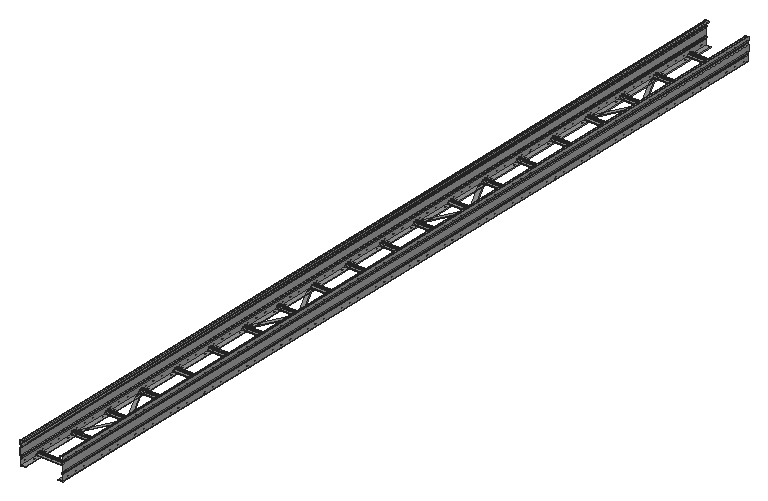
Revit family "W1630 FS, FT, FT SO, A4.28.08", category Generic Models, Revit 2017 (continued)
Dimensions and locks
  locked: Extrusion 451 sketch curve to Extrusion 451 sketch curve at 25
  "Height 1": Extrusion 451 to Extrusion 451
  locked: plane 417 to Extrusion 444 (angle 45.00°)
  locked: Extrusion 445 sketch curve to plane 421 (angle 35.00°)
  locked: Extrusion 445 to plane 424 (angle 35.00°)
  locked: Extrusion 449 sketch curve to plane 429 (angle 35.00°)
  locked: Extrusion 450 sketch curve to plane 430 (angle 35.00°)
  locked: Extrusion 451 sketch curve to plane 431 (angle 35.00°)
  aligned and locked: level to plane 2
  aligned and locked: Extrusion 2 to level
  aligned and locked: Extrusion 2 to Extrusion 1
  aligned and locked: Extrusion 1 to Extrusion 2  (x2)
  aligned and locked: plane 1 "Center (Front/Back)" to Extrusion 2
  aligned and locked: plane 1 "Center (Front/Back)" to Extrusion 1
  aligned and locked: Extrusion 1 to Extrusion 3  (x2)
  aligned and locked: Extrusion 1 to Extrusion 4  (x2)
  aligned and locked: Extrusion 2 to Extrusion 163
  aligned and locked: Extrusion 323 sketch curve to Extrusion 323 sketch curve  (x2)
  aligned and locked: Extrusion 323 to plane 174
  aligned and locked: plane 175 to Extrusion 323
  aligned and locked: plane 176 to cut or joined group 1 (Extrusion 1, Extrusion 3, Extrusion 4, Extrusion 5, Extrusion 6, Extrusion 7, Extrusion 8, Extrusion 9, Extrusion 10, Extrusion 11, Extrusion 12, Extrusion 13, Extrusion 14, Extrusion 15, Extrusion 16, Extrusion 17, Extrusion 18, Extrusion 19, Extrusion 20, Extrusion 21, Extrusion 22, Extrusion 23, Extrusion 24, Extrusion 25, Extrusion 26, Extrusion 27, Extrusion 28, Extrusion 29, Extrusion 30, Extrusion 31, Extrusion 32, Extrusion 33, Extrusion 34, Extrusion 35, Extrusion 36, Extrusion 37, Extrusion 38, Extrusion 39, Extrusion 40, Extrusion 41, Extrusion 42, Extrusion 43, Extrusion 44, Extrusion 45, Extrusion 46, Extrusion 47, Extrusion 48, Extrusion 49, Extrusion 50, Extrusion 51, Extrusion 52, Extrusion 53, Extrusion 54, Extrusion 55, Extrusion 56, Extrusion 57, Extrusion 58, Extrusion 59, Extrusion 60, Extrusion 61, Extrusion 62, Extrusion 63, Extrusion 64, Extrusion 65, Extrusion 66, Extrusion 67, Extrusion 68, Extrusion 69, Extrusion 70, Extrusion 71, Extrusion 72, Extrusion 73, Extrusion 74, Extrusion 75, Extrusion 76, Extrusion 77, Extrusion 78, Extrusion 79, Extrusion 80, Extrusion 81, Extrusion 82, Extrusion 83, Extrusion 84, Extrusion 85, Extrusion 86, Extrusion 87, Extrusion 88, Extrusion 89, Extrusion 90, Extrusion 91, Extrusion 92, Extrusion 93, Extrusion 94, Extrusion 95, Extrusion 96, Extrusion 97, Extrusion 98, Extrusion 99, Extrusion 100, Extrusion 101, Extrusion 102, Extrusion 103, Extrusion 104, Extrusion 105, Extrusion 106, Extrusion 107, Extrusion 108, Extrusion 109, Extrusion 110, Extrusion 111, Extrusion 112, Extrusion 113, Extrusion 114, Extrusion 115, Extrusion 116, Extrusion 117, Extrusion 118, Extrusion 119, Extrusion 120, Extrusion 121, Extrusion 122, Extrusion 123, Extrusion 124, Extrusion 125, Extrusion 126, Extrusion 127, Extrusion 128, Extrusion 129, Extrusion 130, Extrusion 131, Extrusion 132, Extrusion 133, Extrusion 134, Extrusion 135, Extrusion 136, Extrusion 137, Extrusion 138, Extrusion 139, Extrusion 140, Extrusion 141, Extrusion 142, Extrusion 143, Extrusion 144, Extrusion 145, Extrusion 146, Extrusion 147, Extrusion 148, Extrusion 149, Extrusion 150, Extrusion 151, Extrusion 152, Extrusion 153, Extrusion 154, Extrusion 155, Extrusion 156, Extrusion 157, Extrusion 158, Extrusion 159, Extrusion 160, Extrusion 161, Extrusion 162, Extrusion 163, Extrusion 243, Extrusion 364, Extrusion 365, Extrusion 366, Extrusion 367, Extrusion 368, Extrusion 369, Extrusion 370, Extrusion 371, Extrusion 372, Extrusion 373, Extrusion 374, Extrusion 375, Extrusion 376, Extrusion 377, Extrusion 378, Extrusion 379, Extrusion 380, Extrusion 381, Extrusion 382, Extrusion 383, Extrusion 384, Extrusion 385, Extrusion 386, Extrusion 387, Extrusion 388, Extrusion 389, Extrusion 390, Extrusion 391, Extrusion 392, Extrusion 393, Extrusion 394, Extrusion 395, Extrusion 396, Extrusion 397, Extrusion 398, Extrusion 399, Extrusion 400, Extrusion 401, Extrusion 402, Extrusion 403, Extrusion 404, Extrusion 407, Extrusion 409, Extrusion 411, Extrusion 413, Extrusion 415, Extrusion 417, Extrusion 419, Extrusion 421, Extrusion 423, Extrusion 425, Extrusion 427, Extrusion 429, Extrusion 431, Extrusion 433, Extrusion 435, Extrusion 437, Extrusion 439, Extrusion 441, Extrusion 443)
  aligned and locked: Extrusion 2 to Extrusion 324
  aligned and locked: Extrusion 2 to Extrusion 344
  aligned and locked: Extrusion 1 to Extrusion 364
  aligned and locked: Extrusion 1 to Extrusion 384
  aligned and locked: plane 233 to plane 180
  aligned and locked: cut or joined group of Extrusion 323, Extrusion 404, Extrusion 407 to cut or joined group of Extrusion 323, Extrusion 404, Extrusion 407  (x4)
  aligned and locked: cut or joined group of Extrusion 2, Extrusion 163, Extrusion 164, Extrusion 165, Extrusion 166, Extrusion 167, Extrusion 168, Extrusion 169, Extrusion 170, Extrusion 171, Extrusion 172, Extrusion 173, Extrusion 174, Extrusion 175, Extrusion 176, Extrusion 177, Extrusion 178, Extrusion 179, Extrusion 180, Extrusion 181, Extrusion 182, Extrusion 183, Extrusion 184, Extrusion 185, Extrusion 186, Extrusion 187, Extrusion 188, Extrusion 189, Extrusion 190, Extrusion 191, Extrusion 192, Extrusion 193, Extrusion 194, Extrusion 195, Extrusion 196, Extrusion 197, Extrusion 198, Extrusion 199, Extrusion 200, Extrusion 201, Extrusion 202, Extrusion 203, Extrusion 204, Extrusion 205, Extrusion 206, Extrusion 207, Extrusion 208, Extrusion 209, Extrusion 210, Extrusion 211, Extrusion 212, Extrusion 213, Extrusion 214, Extrusion 215, Extrusion 216, Extrusion 217, Extrusion 218, Extrusion 219, Extrusion 220, Extrusion 221, Extrusion 222, Extrusion 223, Extrusion 224, Extrusion 225, Extrusion 226, Extrusion 227, Extrusion 228, Extrusion 229, Extrusion 230, Extrusion 231, Extrusion 232, Extrusion 233, Extrusion 234, Extrusion 235, Extrusion 236, Extrusion 237, Extrusion 238, Extrusion 239, Extrusion 240, Extrusion 241, Extrusion 242, Extrusion 243, Extrusion 244, Extrusion 245, Extrusion 246, Extrusion 247, Extrusion 248, Extrusion 249, Extrusion 250, Extrusion 251, Extrusion 252, Extrusion 253, Extrusion 254, Extrusion 255, Extrusion 256, Extrusion 257, Extrusion 258, Extrusion 259, Extrusion 260, Extrusion 261, Extrusion 262, Extrusion 263, Extrusion 264, Extrusion 265, Extrusion 266, Extrusion 267, Extrusion 268, Extrusion 269, Extrusion 270, Extrusion 271, Extrusion 272, Extrusion 273, Extrusion 274, Extrusion 275, Extrusion 276, Extrusion 277, Extrusion 278, Extrusion 279, Extrusion 280, Extrusion 281, Extrusion 282, Extrusion 283, Extrusion 284, Extrusion 285, Extrusion 286, Extrusion 287, Extrusion 288, Extrusion 289, Extrusion 290, Extrusion 291, Extrusion 292, Extrusion 293, Extrusion 294, Extrusion 295, Extrusion 296, Extrusion 297, Extrusion 298, Extrusion 299, Extrusion 300, Extrusion 301, Extrusion 302, Extrusion 303, Extrusion 304, Extrusion 305, Extrusion 306, Extrusion 307, Extrusion 308, Extrusion 309, Extrusion 310, Extrusion 311, Extrusion 312, Extrusion 313, Extrusion 314, Extrusion 315, Extrusion 316, Extrusion 317, Extrusion 318, Extrusion 319, Extrusion 320, Extrusion 321, Extrusion 322, Extrusion 324, Extrusion 325, Extrusion 326, Extrusion 327, Extrusion 328, Extrusion 329, Extrusion 330, Extrusion 331, Extrusion 332, Extrusion 333, Extrusion 334, Extrusion 335, Extrusion 336, Extrusion 337, Extrusion 338, Extrusion 339, Extrusion 340, Extrusion 341, Extrusion 342, Extrusion 343, Extrusion 344, Extrusion 345, Extrusion 346, Extrusion 347, Extrusion 348, Extrusion 349, Extrusion 350, Extrusion 351, Extrusion 352, Extrusion 353, Extrusion 354, Extrusion 355, Extrusion 356, Extrusion 357, Extrusion 358, Extrusion 359, Extrusion 360, Extrusion 361, Extrusion 362, Extrusion 363, Extrusion 404, Extrusion 407, Extrusion 409, Extrusion 411, Extrusion 413, Extrusion 415, Extrusion 417, Extrusion 419, Extrusion 421, Extrusion 423, Extrusion 425, Extrusion 427, Extrusion 429, Extrusion 431, Extrusion 433, Extrusion 435, Extrusion 437, Extrusion 439, Extrusion 441, Extrusion 443 to cut or joined group 1
  aligned and locked: Extrusion 405 sketch curve to Extrusion 405 sketch curve  (x2)
  aligned and locked: Extrusion 406 sketch curve to Extrusion 406 sketch curve  (x2)
  aligned and locked: Extrusion 408 sketch curve to Extrusion 408 sketch curve  (x2)
  aligned and locked: Extrusion 410 sketch curve to Extrusion 410 sketch curve  (x2)
  aligned and locked: Extrusion 412 sketch curve to Extrusion 412 sketch curve  (x2)
  aligned and locked: Extrusion 414 sketch curve to Extrusion 414 sketch curve  (x2)
  aligned and locked: Extrusion 416 sketch curve to Extrusion 416 sketch curve  (x2)
  aligned and locked: Extrusion 418 sketch curve to Extrusion 418 sketch curve  (x2)
  aligned and locked: Extrusion 420 sketch curve to Extrusion 420 sketch curve  (x2)
  aligned and locked: Extrusion 422 sketch curve to Extrusion 422 sketch curve  (x2)
  aligned and locked: Extrusion 424 sketch curve to Extrusion 424 sketch curve  (x2)
  aligned and locked: Extrusion 426 sketch curve to Extrusion 426 sketch curve  (x2)
  aligned and locked: Extrusion 428 sketch curve to Extrusion 428 sketch curve  (x2)
  aligned and locked: Extrusion 430 sketch curve to Extrusion 430 sketch curve  (x2)
  aligned and locked: Extrusion 432 sketch curve to Extrusion 432 sketch curve  (x2)
  aligned and locked: Extrusion 434 sketch curve to Extrusion 434 sketch curve  (x2)
  aligned and locked: Extrusion 436 sketch curve to Extrusion 436 sketch curve  (x2)
  aligned and locked: Extrusion 438 sketch curve to Extrusion 438 sketch curve  (x2)
  aligned and locked: Extrusion 440 sketch curve to Extrusion 440 sketch curve  (x2)
  aligned and locked: Extrusion 442 sketch curve to Extrusion 442 sketch curve  (x2)
  aligned and locked: plane 414 to plane 412
  aligned and locked: plane 415 to plane 411
  aligned and locked: Extrusion 444 to cut or joined group of Extrusion 323, Extrusion 404, Extrusion 407
  aligned and locked: plane 416 to Extrusion 444
  aligned and locked: plane 417 to plane 416
  aligned and locked: Extrusion 444 to Extrusion 445
  aligned and locked: Extrusion 445 to plane 424
Automatic sketch dimensions
  Extrusion 1 sketch curve to Extrusion 1 sketch curve = 0 mm  (x14)
  Extrusion 1 sketch curve to level = 0 mm
  plane 3 "Center (Left/Right)" to Extrusion 1 sketch curve = 113.514 mm
  plane 3 "Center (Left/Right)" to Extrusion 1 sketch curve = 130 mm
  Extrusion 1 sketch curve to Extrusion 1 sketch curve = 2 mm  (x3)
  Extrusion 1 sketch curve to Extrusion 1 sketch curve = 1 mm
  Extrusion 1 sketch curve to Extrusion 1 sketch curve = 0.5 mm  (x4)
  Extrusion 1 sketch curve to plane 5 = 11.245 mm
  Extrusion 1 sketch curve to Extrusion 1 sketch curve = 27 mm
  Extrusion 1 sketch curve to plane 4 = 10.666 mm
  Extrusion 1 sketch curve to Extrusion 1 sketch curve = 6 mm
  plane 4 to Extrusion 1 sketch curve = 4.584 mm
  Extrusion 1 sketch curve to Extrusion 1 sketch curve = 4.584 mm
  Extrusion 1 sketch curve to plane 5 = 3.021 mm
  Extrusion 1 sketch curve to Extrusion 1 sketch curve = 2.973 mm
  plane 5 to Extrusion 1 sketch curve = 2.935 mm
  Extrusion 1 sketch curve to Extrusion 1 sketch curve = 0.181 mm
  Extrusion 1 sketch curve to plane 4 = 4.381 mm
  Extrusion 1 sketch curve to Extrusion 1 sketch curve = 2.2 mm
  level to Extrusion 1 sketch curve = 2 mm
  Extrusion 1 sketch curve to Extrusion 1 sketch curve = 31.5 mm
  level to Extrusion 1 sketch curve = 125.437 mm
  Extrusion 1 sketch curve to plane 5 = 2.225 mm
  plane 5 to Extrusion 1 sketch curve = 2.029 mm
  Extrusion 1 sketch curve to Extrusion 1 sketch curve = 0.542 mm
  Extrusion 1 sketch curve to plane 4 = 2.967 mm
  Extrusion 1 sketch curve to Extrusion 1 sketch curve = 1.5 mm
  Extrusion 2 sketch curve to Extrusion 2 sketch curve = 0 mm  (x14)
  Extrusion 2 sketch curve to level = 0 mm
  plane 3 "Center (Left/Right)" to Extrusion 2 sketch curve = 113.514 mm
  plane 3 "Center (Left/Right)" to Extrusion 2 sketch curve = 130 mm
  Extrusion 2 sketch curve to Extrusion 2 sketch curve = 2 mm  (x3)
  Extrusion 2 sketch curve to Extrusion 2 sketch curve = 1 mm
  Extrusion 2 sketch curve to Extrusion 2 sketch curve = 0.5 mm  (x4)
  plane 8 to Extrusion 2 sketch curve = 11.245 mm
  Extrusion 2 sketch curve to Extrusion 2 sketch curve = 27 mm
  plane 7 to Extrusion 2 sketch curve = 10.666 mm
  Extrusion 2 sketch curve to Extrusion 2 sketch curve = 6 mm
  Extrusion 2 sketch curve to plane 7 = 4.584 mm
  Extrusion 2 sketch curve to Extrusion 2 sketch curve = 4.584 mm
  plane 8 to Extrusion 2 sketch curve = 3.021 mm
  Extrusion 2 sketch curve to Extrusion 2 sketch curve = 2.973 mm
  Extrusion 2 sketch curve to plane 8 = 2.935 mm
  Extrusion 2 sketch curve to Extrusion 2 sketch curve = 0.181 mm
  plane 7 to Extrusion 2 sketch curve = 4.381 mm
  Extrusion 2 sketch curve to Extrusion 2 sketch curve = 2.2 mm
  Extrusion 2 sketch curve to level = 2 mm
  Extrusion 2 sketch curve to Extrusion 2 sketch curve = 31.5 mm
  Extrusion 2 sketch curve to level = 125.437 mm
  plane 8 to Extrusion 2 sketch curve = 2.225 mm
  Extrusion 2 sketch curve to plane 8 = 2.029 mm
  Extrusion 2 sketch curve to Extrusion 2 sketch curve = 0.542 mm
  plane 7 to Extrusion 2 sketch curve = 2.967 mm
  Extrusion 2 sketch curve to Extrusion 2 sketch curve = 1.5 mm
  Extrusion 3 sketch curve to Extrusion 3 sketch curve = 0.5 mm  (x4)
  Extrusion 4 sketch curve to Extrusion 4 sketch curve = 0.5 mm  (x3)
  plane 11 to Extrusion 3 sketch curve = 12.5 mm
  plane 14 to Extrusion 4 sketch curve = 23.957 mm
  Extrusion 5 sketch curve to Extrusion 5 sketch curve = 0.5 mm  (x4)
  Extrusion 6 sketch curve to Extrusion 6 sketch curve = 0.5 mm  (x3)
  plane 15 to Extrusion 5 sketch curve = 12.5 mm
  plane 16 to Extrusion 6 sketch curve = 23.957 mm
  Extrusion 7 sketch curve to Extrusion 7 sketch curve = 0.5 mm  (x4)
  Extrusion 8 sketch curve to Extrusion 8 sketch curve = 0.5 mm  (x3)
  plane 17 to Extrusion 7 sketch curve = 12.5 mm
  plane 18 to Extrusion 8 sketch curve = 23.957 mm
  Extrusion 9 sketch curve to Extrusion 9 sketch curve = 0.5 mm  (x4)
  Extrusion 10 sketch curve to Extrusion 10 sketch curve = 0.5 mm  (x3)
  plane 19 to Extrusion 9 sketch curve = 12.5 mm
  plane 20 to Extrusion 10 sketch curve = 23.957 mm
  Extrusion 11 sketch curve to Extrusion 11 sketch curve = 0.5 mm  (x4)
  Extrusion 12 sketch curve to Extrusion 12 sketch curve = 0.5 mm  (x3)
  plane 21 to Extrusion 11 sketch curve = 12.5 mm
  plane 22 to Extrusion 12 sketch curve = 23.957 mm
  Extrusion 13 sketch curve to Extrusion 13 sketch curve = 0.5 mm  (x4)
  Extrusion 14 sketch curve to Extrusion 14 sketch curve = 0.5 mm  (x3)
  plane 23 to Extrusion 13 sketch curve = 12.5 mm
  plane 24 to Extrusion 14 sketch curve = 23.957 mm
  Extrusion 15 sketch curve to Extrusion 15 sketch curve = 0.5 mm  (x4)
  Extrusion 16 sketch curve to Extrusion 16 sketch curve = 0.5 mm  (x3)
  plane 25 to Extrusion 15 sketch curve = 12.5 mm
  plane 26 to Extrusion 16 sketch curve = 23.957 mm
  Extrusion 17 sketch curve to Extrusion 17 sketch curve = 0.5 mm  (x4)
  Extrusion 18 sketch curve to Extrusion 18 sketch curve = 0.5 mm  (x3)
  plane 27 to Extrusion 17 sketch curve = 12.5 mm
  plane 28 to Extrusion 18 sketch curve = 23.957 mm
  Extrusion 19 sketch curve to Extrusion 19 sketch curve = 0.5 mm  (x4)
  Extrusion 20 sketch curve to Extrusion 20 sketch curve = 0.5 mm  (x3)
  plane 29 to Extrusion 19 sketch curve = 12.5 mm
  plane 30 to Extrusion 20 sketch curve = 23.957 mm
  Extrusion 21 sketch curve to Extrusion 21 sketch curve = 0.5 mm  (x4)
  Extrusion 22 sketch curve to Extrusion 22 sketch curve = 0.5 mm  (x3)
  plane 31 to Extrusion 21 sketch curve = 12.5 mm
  plane 32 to Extrusion 22 sketch curve = 23.957 mm
  Extrusion 23 sketch curve to Extrusion 23 sketch curve = 0.5 mm  (x4)
  Extrusion 24 sketch curve to Extrusion 24 sketch curve = 0.5 mm  (x3)
  plane 33 to Extrusion 23 sketch curve = 12.5 mm
  plane 34 to Extrusion 24 sketch curve = 23.957 mm
  Extrusion 25 sketch curve to Extrusion 25 sketch curve = 0.5 mm  (x4)
  Extrusion 26 sketch curve to Extrusion 26 sketch curve = 0.5 mm  (x3)
  plane 35 to Extrusion 25 sketch curve = 12.5 mm
  plane 36 to Extrusion 26 sketch curve = 23.957 mm
  Extrusion 27 sketch curve to Extrusion 27 sketch curve = 0.5 mm  (x4)
  Extrusion 28 sketch curve to Extrusion 28 sketch curve = 0.5 mm  (x3)
  plane 37 to Extrusion 27 sketch curve = 12.5 mm
  plane 38 to Extrusion 28 sketch curve = 23.957 mm
  Extrusion 29 sketch curve to Extrusion 29 sketch curve = 0.5 mm  (x4)
  Extrusion 30 sketch curve to Extrusion 30 sketch curve = 0.5 mm  (x3)
  plane 39 to Extrusion 29 sketch curve = 12.5 mm
  plane 40 to Extrusion 30 sketch curve = 23.957 mm
  Extrusion 31 sketch curve to Extrusion 31 sketch curve = 0.5 mm  (x4)
  Extrusion 32 sketch curve to Extrusion 32 sketch curve = 0.5 mm  (x3)
  plane 41 to Extrusion 31 sketch curve = 12.5 mm
  plane 42 to Extrusion 32 sketch curve = 23.957 mm
  Extrusion 33 sketch curve to Extrusion 33 sketch curve = 0.5 mm  (x4)
  Extrusion 34 sketch curve to Extrusion 34 sketch curve = 0.5 mm  (x3)
  plane 43 to Extrusion 33 sketch curve = 12.5 mm
  plane 44 to Extrusion 34 sketch curve = 23.957 mm
  Extrusion 35 sketch curve to Extrusion 35 sketch curve = 0.5 mm  (x4)
  Extrusion 36 sketch curve to Extrusion 36 sketch curve = 0.5 mm  (x3)
  plane 45 to Extrusion 35 sketch curve = 12.5 mm
  plane 46 to Extrusion 36 sketch curve = 23.957 mm
  Extrusion 37 sketch curve to Extrusion 37 sketch curve = 0.5 mm  (x4)
  Extrusion 38 sketch curve to Extrusion 38 sketch curve = 0.5 mm  (x3)
  plane 47 to Extrusion 37 sketch curve = 12.5 mm
  plane 48 to Extrusion 38 sketch curve = 23.957 mm
  Extrusion 39 sketch curve to Extrusion 39 sketch curve = 0.5 mm  (x4)
  Extrusion 40 sketch curve to Extrusion 40 sketch curve = 0.5 mm  (x3)
  plane 49 to Extrusion 39 sketch curve = 12.5 mm
  plane 50 to Extrusion 40 sketch curve = 23.957 mm
  Extrusion 41 sketch curve to Extrusion 41 sketch curve = 0.5 mm  (x4)
  Extrusion 42 sketch curve to Extrusion 42 sketch curve = 0.5 mm  (x3)
  plane 51 to Extrusion 41 sketch curve = 12.5 mm
  plane 52 to Extrusion 42 sketch curve = 23.957 mm
  Extrusion 43 sketch curve to Extrusion 43 sketch curve = 0.5 mm  (x4)
  Extrusion 44 sketch curve to Extrusion 44 sketch curve = 0.5 mm  (x3)
  plane 53 to Extrusion 43 sketch curve = 12.5 mm
  plane 54 to Extrusion 44 sketch curve = 23.957 mm
  Extrusion 45 sketch curve to Extrusion 45 sketch curve = 0.5 mm  (x4)
  Extrusion 46 sketch curve to Extrusion 46 sketch curve = 0.5 mm  (x3)
  plane 55 to Extrusion 45 sketch curve = 12.5 mm
  plane 56 to Extrusion 46 sketch curve = 23.957 mm
  Extrusion 47 sketch curve to Extrusion 47 sketch curve = 0.5 mm  (x4)
  Extrusion 48 sketch curve to Extrusion 48 sketch curve = 0.5 mm  (x3)
  plane 57 to Extrusion 47 sketch curve = 12.5 mm
  plane 58 to Extrusion 48 sketch curve = 23.957 mm
  Extrusion 49 sketch curve to Extrusion 49 sketch curve = 0.5 mm  (x4)
  Extrusion 50 sketch curve to Extrusion 50 sketch curve = 0.5 mm  (x3)
  plane 59 to Extrusion 49 sketch curve = 12.5 mm
  plane 60 to Extrusion 50 sketch curve = 23.957 mm
  Extrusion 51 sketch curve to Extrusion 51 sketch curve = 0.5 mm  (x4)
  Extrusion 52 sketch curve to Extrusion 52 sketch curve = 0.5 mm  (x3)
  plane 61 to Extrusion 51 sketch curve = 12.5 mm
  plane 62 to Extrusion 52 sketch curve = 23.957 mm
  Extrusion 53 sketch curve to Extrusion 53 sketch curve = 0.5 mm  (x4)
  Extrusion 54 sketch curve to Extrusion 54 sketch curve = 0.5 mm  (x3)
  plane 63 to Extrusion 53 sketch curve = 12.5 mm
  plane 64 to Extrusion 54 sketch curve = 23.957 mm
  Extrusion 55 sketch curve to Extrusion 55 sketch curve = 0.5 mm  (x4)
  Extrusion 56 sketch curve to Extrusion 56 sketch curve = 0.5 mm  (x3)
  plane 65 to Extrusion 55 sketch curve = 12.5 mm
  plane 66 to Extrusion 56 sketch curve = 23.957 mm
  Extrusion 57 sketch curve to Extrusion 57 sketch curve = 0.5 mm  (x4)
  Extrusion 58 sketch curve to Extrusion 58 sketch curve = 0.5 mm  (x3)
  plane 67 to Extrusion 57 sketch curve = 12.5 mm
  plane 68 to Extrusion 58 sketch curve = 23.957 mm
  Extrusion 59 sketch curve to Extrusion 59 sketch curve = 0.5 mm  (x4)
  Extrusion 60 sketch curve to Extrusion 60 sketch curve = 0.5 mm  (x3)
  plane 69 to Extrusion 59 sketch curve = 12.5 mm
  plane 70 to Extrusion 60 sketch curve = 23.957 mm
  Extrusion 61 sketch curve to Extrusion 61 sketch curve = 0.5 mm  (x4)
  Extrusion 62 sketch curve to Extrusion 62 sketch curve = 0.5 mm  (x3)
  plane 71 to Extrusion 61 sketch curve = 12.5 mm
  plane 72 to Extrusion 62 sketch curve = 23.957 mm
  Extrusion 63 sketch curve to Extrusion 63 sketch curve = 0.5 mm  (x4)
  Extrusion 64 sketch curve to Extrusion 64 sketch curve = 0.5 mm  (x3)
  plane 73 to Extrusion 63 sketch curve = 12.5 mm
  plane 74 to Extrusion 64 sketch curve = 23.957 mm
  Extrusion 65 sketch curve to Extrusion 65 sketch curve = 0.5 mm  (x4)
  Extrusion 66 sketch curve to Extrusion 66 sketch curve = 0.5 mm  (x3)
  plane 75 to Extrusion 65 sketch curve = 12.5 mm
  plane 76 to Extrusion 66 sketch curve = 23.957 mm
  Extrusion 67 sketch curve to Extrusion 67 sketch curve = 0.5 mm  (x4)
  Extrusion 68 sketch curve to Extrusion 68 sketch curve = 0.5 mm  (x3)
  plane 77 to Extrusion 67 sketch curve = 12.5 mm
  plane 78 to Extrusion 68 sketch curve = 23.957 mm
  Extrusion 69 sketch curve to Extrusion 69 sketch curve = 0.5 mm  (x4)
  Extrusion 70 sketch curve to Extrusion 70 sketch curve = 0.5 mm  (x3)
  plane 79 to Extrusion 69 sketch curve = 12.5 mm
  plane 80 to Extrusion 70 sketch curve = 23.957 mm
  Extrusion 71 sketch curve to Extrusion 71 sketch curve = 0.5 mm  (x4)
  Extrusion 72 sketch curve to Extrusion 72 sketch curve = 0.5 mm  (x3)
  plane 81 to Extrusion 71 sketch curve = 12.5 mm
  plane 82 to Extrusion 72 sketch curve = 23.957 mm
  Extrusion 73 sketch curve to Extrusion 73 sketch curve = 0.5 mm  (x4)
  Extrusion 74 sketch curve to Extrusion 74 sketch curve = 0.5 mm  (x3)
  plane 83 to Extrusion 73 sketch curve = 12.5 mm
  plane 84 to Extrusion 74 sketch curve = 23.957 mm
  Extrusion 75 sketch curve to Extrusion 75 sketch curve = 0.5 mm  (x4)
  Extrusion 76 sketch curve to Extrusion 76 sketch curve = 0.5 mm  (x3)
  plane 85 to Extrusion 75 sketch curve = 12.5 mm
  plane 86 to Extrusion 76 sketch curve = 23.957 mm
  Extrusion 77 sketch curve to Extrusion 77 sketch curve = 0.5 mm  (x4)
  Extrusion 78 sketch curve to Extrusion 78 sketch curve = 0.5 mm  (x3)
  plane 87 to Extrusion 77 sketch curve = 12.5 mm
  plane 88 to Extrusion 78 sketch curve = 23.957 mm
  Extrusion 79 sketch curve to Extrusion 79 sketch curve = 0.5 mm  (x4)
  Extrusion 80 sketch curve to Extrusion 80 sketch curve = 0.5 mm  (x3)
  plane 89 to Extrusion 79 sketch curve = 12.5 mm
  plane 90 to Extrusion 80 sketch curve = 23.957 mm
  Extrusion 81 sketch curve to Extrusion 81 sketch curve = 0.5 mm  (x4)
  Extrusion 82 sketch curve to Extrusion 82 sketch curve = 0.5 mm  (x3)
  plane 91 to Extrusion 81 sketch curve = 12.5 mm
  plane 92 to Extrusion 82 sketch curve = 23.957 mm
  Extrusion 83 sketch curve to Extrusion 83 sketch curve = 0.5 mm  (x4)
  Extrusion 84 sketch curve to Extrusion 84 sketch curve = 0.5 mm  (x3)
  plane 93 to Extrusion 83 sketch curve = 12.5 mm
  plane 94 to Extrusion 84 sketch curve = 23.957 mm
  Extrusion 85 sketch curve to Extrusion 85 sketch curve = 0.5 mm  (x4)
  Extrusion 86 sketch curve to Extrusion 86 sketch curve = 0.5 mm  (x3)
  plane 95 to Extrusion 85 sketch curve = 12.5 mm
  plane 96 to Extrusion 86 sketch curve = 23.957 mm
  Extrusion 87 sketch curve to Extrusion 87 sketch curve = 0.5 mm  (x4)
  Extrusion 88 sketch curve to Extrusion 88 sketch curve = 0.5 mm  (x3)
  plane 97 to Extrusion 87 sketch curve = 12.5 mm
  plane 98 to Extrusion 88 sketch curve = 23.957 mm
  Extrusion 89 sketch curve to Extrusion 89 sketch curve = 0.5 mm  (x4)
  Extrusion 90 sketch curve to Extrusion 90 sketch curve = 0.5 mm  (x3)
  plane 99 to Extrusion 89 sketch curve = 12.5 mm
  plane 100 to Extrusion 90 sketch curve = 23.957 mm
  Extrusion 91 sketch curve to Extrusion 91 sketch curve = 0.5 mm  (x4)
  Extrusion 92 sketch curve to Extrusion 92 sketch curve = 0.5 mm  (x3)
  plane 101 to Extrusion 91 sketch curve = 12.5 mm
  plane 102 to Extrusion 92 sketch curve = 23.957 mm
  Extrusion 93 sketch curve to Extrusion 93 sketch curve = 0.5 mm  (x4)
  Extrusion 94 sketch curve to Extrusion 94 sketch curve = 0.5 mm  (x3)
  plane 103 to Extrusion 93 sketch curve = 12.5 mm
  plane 104 to Extrusion 94 sketch curve = 23.957 mm
  Extrusion 95 sketch curve to Extrusion 95 sketch curve = 0.5 mm  (x4)
  Extrusion 96 sketch curve to Extrusion 96 sketch curve = 0.5 mm  (x3)
  plane 105 to Extrusion 95 sketch curve = 12.5 mm
  plane 106 to Extrusion 96 sketch curve = 23.957 mm
  Extrusion 97 sketch curve to Extrusion 97 sketch curve = 0.5 mm  (x4)
  Extrusion 98 sketch curve to Extrusion 98 sketch curve = 0.5 mm  (x3)
  plane 107 to Extrusion 97 sketch curve = 12.5 mm
  plane 108 to Extrusion 98 sketch curve = 23.957 mm
  Extrusion 99 sketch curve to Extrusion 99 sketch curve = 0.5 mm  (x4)
  Extrusion 100 sketch curve to Extrusion 100 sketch curve = 0.5 mm  (x3)
  plane 109 to Extrusion 99 sketch curve = 12.5 mm
  plane 110 to Extrusion 100 sketch curve = 23.957 mm
  Extrusion 101 sketch curve to Extrusion 101 sketch curve = 0.5 mm  (x4)
  Extrusion 102 sketch curve to Extrusion 102 sketch curve = 0.5 mm  (x3)
  plane 111 to Extrusion 101 sketch curve = 12.5 mm
  plane 112 to Extrusion 102 sketch curve = 23.957 mm
  Extrusion 103 sketch curve to Extrusion 103 sketch curve = 0.5 mm  (x4)
  Extrusion 104 sketch curve to Extrusion 104 sketch curve = 0.5 mm  (x3)
  plane 113 to Extrusion 103 sketch curve = 12.5 mm
  plane 114 to Extrusion 104 sketch curve = 23.957 mm
  Extrusion 105 sketch curve to Extrusion 105 sketch curve = 0.5 mm  (x4)
  Extrusion 106 sketch curve to Extrusion 106 sketch curve = 0.5 mm  (x3)
  plane 115 to Extrusion 105 sketch curve = 12.5 mm
  plane 116 to Extrusion 106 sketch curve = 23.957 mm
  Extrusion 107 sketch curve to Extrusion 107 sketch curve = 0.5 mm  (x4)
  Extrusion 108 sketch curve to Extrusion 108 sketch curve = 0.5 mm  (x3)
  plane 117 to Extrusion 107 sketch curve = 12.5 mm
  plane 118 to Extrusion 108 sketch curve = 23.957 mm
  Extrusion 109 sketch curve to Extrusion 109 sketch curve = 0.5 mm  (x4)
  Extrusion 110 sketch curve to Extrusion 110 sketch curve = 0.5 mm  (x3)
  plane 119 to Extrusion 109 sketch curve = 12.5 mm
  plane 120 to Extrusion 110 sketch curve = 23.957 mm
  Extrusion 111 sketch curve to Extrusion 111 sketch curve = 0.5 mm  (x4)
  Extrusion 112 sketch curve to Extrusion 112 sketch curve = 0.5 mm  (x3)
  plane 121 to Extrusion 111 sketch curve = 12.5 mm
  plane 122 to Extrusion 112 sketch curve = 23.957 mm
  Extrusion 113 sketch curve to Extrusion 113 sketch curve = 0.5 mm  (x4)
  Extrusion 114 sketch curve to Extrusion 114 sketch curve = 0.5 mm  (x3)
  plane 123 to Extrusion 113 sketch curve = 12.5 mm
  plane 124 to Extrusion 114 sketch curve = 23.957 mm
  Extrusion 115 sketch curve to Extrusion 115 sketch curve = 0.5 mm  (x4)
  Extrusion 116 sketch curve to Extrusion 116 sketch curve = 0.5 mm  (x3)
  plane 125 to Extrusion 115 sketch curve = 12.5 mm
  plane 126 to Extrusion 116 sketch curve = 23.957 mm
  Extrusion 117 sketch curve to Extrusion 117 sketch curve = 0.5 mm  (x4)
  Extrusion 118 sketch curve to Extrusion 118 sketch curve = 0.5 mm  (x3)
  plane 127 to Extrusion 117 sketch curve = 12.5 mm
  plane 128 to Extrusion 118 sketch curve = 23.957 mm
  Extrusion 119 sketch curve to Extrusion 119 sketch curve = 0.5 mm  (x4)
  Extrusion 120 sketch curve to Extrusion 120 sketch curve = 0.5 mm  (x3)
  plane 129 to Extrusion 119 sketch curve = 12.5 mm
  plane 130 to Extrusion 120 sketch curve = 23.957 mm
  Extrusion 121 sketch curve to Extrusion 121 sketch curve = 0.5 mm  (x4)
  Extrusion 122 sketch curve to Extrusion 122 sketch curve = 0.5 mm  (x3)
  plane 131 to Extrusion 121 sketch curve = 12.5 mm
  plane 132 to Extrusion 122 sketch curve = 23.957 mm
  Extrusion 123 sketch curve to Extrusion 123 sketch curve = 0.5 mm  (x4)
  Extrusion 124 sketch curve to Extrusion 124 sketch curve = 0.5 mm  (x3)
  plane 133 to Extrusion 123 sketch curve = 12.5 mm
  plane 134 to Extrusion 124 sketch curve = 23.957 mm
  Extrusion 125 sketch curve to Extrusion 125 sketch curve = 0.5 mm  (x4)
  Extrusion 126 sketch curve to Extrusion 126 sketch curve = 0.5 mm  (x3)
  plane 135 to Extrusion 125 sketch curve = 12.5 mm
  plane 136 to Extrusion 126 sketch curve = 23.957 mm
  Extrusion 127 sketch curve to Extrusion 127 sketch curve = 0.5 mm  (x4)
  Extrusion 128 sketch curve to Extrusion 128 sketch curve = 0.5 mm  (x3)
  plane 137 to Extrusion 127 sketch curve = 12.5 mm
  plane 138 to Extrusion 128 sketch curve = 23.957 mm
  Extrusion 129 sketch curve to Extrusion 129 sketch curve = 0.5 mm  (x4)
  Extrusion 130 sketch curve to Extrusion 130 sketch curve = 0.5 mm  (x3)
  plane 139 to Extrusion 129 sketch curve = 12.5 mm
  plane 140 to Extrusion 130 sketch curve = 23.957 mm
  Extrusion 131 sketch curve to Extrusion 131 sketch curve = 0.5 mm  (x4)
  Extrusion 132 sketch curve to Extrusion 132 sketch curve = 0.5 mm  (x3)
  plane 141 to Extrusion 131 sketch curve = 12.5 mm
  plane 142 to Extrusion 132 sketch curve = 23.957 mm
  Extrusion 133 sketch curve to Extrusion 133 sketch curve = 0.5 mm  (x4)
  Extrusion 134 sketch curve to Extrusion 134 sketch curve = 0.5 mm  (x3)
  plane 143 to Extrusion 133 sketch curve = 12.5 mm
  plane 144 to Extrusion 134 sketch curve = 23.957 mm
  Extrusion 135 sketch curve to Extrusion 135 sketch curve = 0.5 mm  (x4)
  Extrusion 136 sketch curve to Extrusion 136 sketch curve = 0.5 mm  (x3)
  plane 145 to Extrusion 135 sketch curve = 12.5 mm
  plane 146 to Extrusion 136 sketch curve = 23.957 mm
  Extrusion 137 sketch curve to Extrusion 137 sketch curve = 0.5 mm  (x4)
  Extrusion 138 sketch curve to Extrusion 138 sketch curve = 0.5 mm  (x3)
  plane 147 to Extrusion 137 sketch curve = 12.5 mm
  plane 148 to Extrusion 138 sketch curve = 23.957 mm
  Extrusion 139 sketch curve to Extrusion 139 sketch curve = 0.5 mm  (x4)
  Extrusion 140 sketch curve to Extrusion 140 sketch curve = 0.5 mm  (x3)
  plane 149 to Extrusion 139 sketch curve = 12.5 mm
  plane 150 to Extrusion 140 sketch curve = 23.957 mm
  Extrusion 141 sketch curve to Extrusion 141 sketch curve = 0.5 mm  (x4)
  Extrusion 142 sketch curve to Extrusion 142 sketch curve = 0.5 mm  (x3)
  plane 151 to Extrusion 141 sketch curve = 12.5 mm
  plane 152 to Extrusion 142 sketch curve = 23.957 mm
  Extrusion 143 sketch curve to Extrusion 143 sketch curve = 0.5 mm  (x4)
  Extrusion 144 sketch curve to Extrusion 144 sketch curve = 0.5 mm  (x3)
  plane 153 to Extrusion 143 sketch curve = 12.5 mm
  plane 154 to Extrusion 144 sketch curve = 23.957 mm
  Extrusion 145 sketch curve to Extrusion 145 sketch curve = 0.5 mm  (x4)
  Extrusion 146 sketch curve to Extrusion 146 sketch curve = 0.5 mm  (x3)
  plane 155 to Extrusion 145 sketch curve = 12.5 mm
  plane 156 to Extrusion 146 sketch curve = 23.957 mm
  Extrusion 147 sketch curve to Extrusion 147 sketch curve = 0.5 mm  (x4)
  Extrusion 148 sketch curve to Extrusion 148 sketch curve = 0.5 mm  (x3)
  plane 157 to Extrusion 147 sketch curve = 12.5 mm
  plane 158 to Extrusion 148 sketch curve = 23.957 mm
  Extrusion 149 sketch curve to Extrusion 149 sketch curve = 0.5 mm  (x4)
  Extrusion 150 sketch curve to Extrusion 150 sketch curve = 0.5 mm  (x3)
  plane 159 to Extrusion 149 sketch curve = 12.5 mm
  plane 160 to Extrusion 150 sketch curve = 23.957 mm
  Extrusion 151 sketch curve to Extrusion 151 sketch curve = 0.5 mm  (x4)
  Extrusion 152 sketch curve to Extrusion 152 sketch curve = 0.5 mm  (x3)
  plane 161 to Extrusion 151 sketch curve = 12.5 mm
  plane 162 to Extrusion 152 sketch curve = 23.957 mm
  Extrusion 153 sketch curve to Extrusion 153 sketch curve = 0.5 mm  (x4)
  Extrusion 154 sketch curve to Extrusion 154 sketch curve = 0.5 mm  (x3)
  plane 163 to Extrusion 153 sketch curve = 12.5 mm
  plane 164 to Extrusion 154 sketch curve = 23.957 mm
  Extrusion 155 sketch curve to Extrusion 155 sketch curve = 0.5 mm  (x4)
  Extrusion 156 sketch curve to Extrusion 156 sketch curve = 0.5 mm  (x3)
  plane 165 to Extrusion 155 sketch curve = 12.5 mm
  plane 166 to Extrusion 156 sketch curve = 23.957 mm
  Extrusion 157 sketch curve to Extrusion 157 sketch curve = 0.5 mm  (x4)
  Extrusion 158 sketch curve to Extrusion 158 sketch curve = 0.5 mm  (x3)
  plane 167 to Extrusion 157 sketch curve = 12.5 mm
  plane 168 to Extrusion 158 sketch curve = 23.957 mm
  Extrusion 159 sketch curve to Extrusion 159 sketch curve = 0.5 mm  (x4)
  Extrusion 160 sketch curve to Extrusion 160 sketch curve = 0.5 mm  (x3)
  plane 169 to Extrusion 159 sketch curve = 12.5 mm
  plane 170 to Extrusion 160 sketch curve = 23.957 mm
  Extrusion 161 sketch curve to Extrusion 161 sketch curve = 0.5 mm  (x4)
  Extrusion 162 sketch curve to Extrusion 162 sketch curve = 0.5 mm  (x3)
  plane 171 to Extrusion 161 sketch curve = 12.5 mm
  plane 172 to Extrusion 162 sketch curve = 23.957 mm
  Extrusion 163 sketch curve to Extrusion 163 sketch curve = 0.5 mm  (x4)
  Extrusion 3 sketch curve to plane 10 = 4.5 mm
  plane 13 to Extrusion 4 sketch curve = 12.5 mm
  Extrusion 164 sketch curve to Extrusion 164 sketch curve = 0.5 mm  (x4)
  Extrusion 165 sketch curve to Extrusion 165 sketch curve = 0.5 mm  (x4)
  Extrusion 166 sketch curve to Extrusion 166 sketch curve = 0.5 mm  (x4)
  Extrusion 167 sketch curve to Extrusion 167 sketch curve = 0.5 mm  (x4)
  Extrusion 168 sketch curve to Extrusion 168 sketch curve = 0.5 mm  (x4)
  Extrusion 169 sketch curve to Extrusion 169 sketch curve = 0.5 mm  (x4)
  Extrusion 170 sketch curve to Extrusion 170 sketch curve = 0.5 mm  (x4)
  Extrusion 171 sketch curve to Extrusion 171 sketch curve = 0.5 mm  (x4)
  Extrusion 172 sketch curve to Extrusion 172 sketch curve = 0.5 mm  (x4)
  Extrusion 173 sketch curve to Extrusion 173 sketch curve = 0.5 mm  (x4)
  Extrusion 174 sketch curve to Extrusion 174 sketch curve = 0.5 mm  (x4)
  Extrusion 175 sketch curve to Extrusion 175 sketch curve = 0.5 mm  (x4)
  Extrusion 176 sketch curve to Extrusion 176 sketch curve = 0.5 mm  (x4)
  Extrusion 177 sketch curve to Extrusion 177 sketch curve = 0.5 mm  (x4)
  Extrusion 178 sketch curve to Extrusion 178 sketch curve = 0.5 mm  (x4)
  Extrusion 179 sketch curve to Extrusion 179 sketch curve = 0.5 mm  (x4)
  Extrusion 180 sketch curve to Extrusion 180 sketch curve = 0.5 mm  (x4)
  Extrusion 181 sketch curve to Extrusion 181 sketch curve = 0.5 mm  (x4)
  Extrusion 182 sketch curve to Extrusion 182 sketch curve = 0.5 mm  (x4)
  Extrusion 183 sketch curve to Extrusion 183 sketch curve = 0.5 mm  (x4)
  Extrusion 184 sketch curve to Extrusion 184 sketch curve = 0.5 mm  (x4)
  Extrusion 185 sketch curve to Extrusion 185 sketch curve = 0.5 mm  (x4)
  Extrusion 186 sketch curve to Extrusion 186 sketch curve = 0.5 mm  (x4)
  Extrusion 187 sketch curve to Extrusion 187 sketch curve = 0.5 mm  (x4)
  Extrusion 188 sketch curve to Extrusion 188 sketch curve = 0.5 mm  (x4)
  Extrusion 189 sketch curve to Extrusion 189 sketch curve = 0.5 mm  (x4)
  Extrusion 190 sketch curve to Extrusion 190 sketch curve = 0.5 mm  (x4)
  Extrusion 191 sketch curve to Extrusion 191 sketch curve = 0.5 mm  (x4)
  Extrusion 192 sketch curve to Extrusion 192 sketch curve = 0.5 mm  (x4)
  Extrusion 193 sketch curve to Extrusion 193 sketch curve = 0.5 mm  (x4)
  Extrusion 194 sketch curve to Extrusion 194 sketch curve = 0.5 mm  (x4)
  Extrusion 195 sketch curve to Extrusion 195 sketch curve = 0.5 mm  (x4)
  Extrusion 196 sketch curve to Extrusion 196 sketch curve = 0.5 mm  (x4)
  Extrusion 197 sketch curve to Extrusion 197 sketch curve = 0.5 mm  (x4)
  Extrusion 198 sketch curve to Extrusion 198 sketch curve = 0.5 mm  (x4)
  Extrusion 199 sketch curve to Extrusion 199 sketch curve = 0.5 mm  (x4)
  Extrusion 200 sketch curve to Extrusion 200 sketch curve = 0.5 mm  (x4)
  Extrusion 201 sketch curve to Extrusion 201 sketch curve = 0.5 mm  (x4)
  Extrusion 202 sketch curve to Extrusion 202 sketch curve = 0.5 mm  (x4)
  Extrusion 203 sketch curve to Extrusion 203 sketch curve = 0.5 mm  (x4)
  Extrusion 204 sketch curve to Extrusion 204 sketch curve = 0.5 mm  (x4)
  Extrusion 205 sketch curve to Extrusion 205 sketch curve = 0.5 mm  (x4)
  Extrusion 206 sketch curve to Extrusion 206 sketch curve = 0.5 mm  (x4)
  Extrusion 207 sketch curve to Extrusion 207 sketch curve = 0.5 mm  (x4)
  Extrusion 208 sketch curve to Extrusion 208 sketch curve = 0.5 mm  (x4)
  Extrusion 209 sketch curve to Extrusion 209 sketch curve = 0.5 mm  (x4)
  Extrusion 210 sketch curve to Extrusion 210 sketch curve = 0.5 mm  (x4)
  Extrusion 211 sketch curve to Extrusion 211 sketch curve = 0.5 mm  (x4)
  Extrusion 212 sketch curve to Extrusion 212 sketch curve = 0.5 mm  (x4)
  Extrusion 213 sketch curve to Extrusion 213 sketch curve = 0.5 mm  (x4)
  Extrusion 214 sketch curve to Extrusion 214 sketch curve = 0.5 mm  (x4)
  Extrusion 215 sketch curve to Extrusion 215 sketch curve = 0.5 mm  (x4)
  Extrusion 216 sketch curve to Extrusion 216 sketch curve = 0.5 mm  (x4)
  Extrusion 217 sketch curve to Extrusion 217 sketch curve = 0.5 mm  (x4)
  Extrusion 218 sketch curve to Extrusion 218 sketch curve = 0.5 mm  (x4)
  Extrusion 219 sketch curve to Extrusion 219 sketch curve = 0.5 mm  (x4)
  Extrusion 220 sketch curve to Extrusion 220 sketch curve = 0.5 mm  (x4)
  Extrusion 221 sketch curve to Extrusion 221 sketch curve = 0.5 mm  (x4)
  Extrusion 222 sketch curve to Extrusion 222 sketch curve = 0.5 mm  (x4)
  Extrusion 223 sketch curve to Extrusion 223 sketch curve = 0.5 mm  (x4)
  Extrusion 224 sketch curve to Extrusion 224 sketch curve = 0.5 mm  (x4)
  Extrusion 225 sketch curve to Extrusion 225 sketch curve = 0.5 mm  (x4)
  Extrusion 226 sketch curve to Extrusion 226 sketch curve = 0.5 mm  (x4)
  Extrusion 227 sketch curve to Extrusion 227 sketch curve = 0.5 mm  (x4)
  Extrusion 228 sketch curve to Extrusion 228 sketch curve = 0.5 mm  (x4)
  Extrusion 229 sketch curve to Extrusion 229 sketch curve = 0.5 mm  (x4)
  Extrusion 230 sketch curve to Extrusion 230 sketch curve = 0.5 mm  (x4)
  Extrusion 231 sketch curve to Extrusion 231 sketch curve = 0.5 mm  (x4)
  Extrusion 232 sketch curve to Extrusion 232 sketch curve = 0.5 mm  (x4)
  Extrusion 233 sketch curve to Extrusion 233 sketch curve = 0.5 mm  (x4)
  Extrusion 234 sketch curve to Extrusion 234 sketch curve = 0.5 mm  (x4)
  Extrusion 235 sketch curve to Extrusion 235 sketch curve = 0.5 mm  (x4)
  Extrusion 236 sketch curve to Extrusion 236 sketch curve = 0.5 mm  (x4)
  Extrusion 237 sketch curve to Extrusion 237 sketch curve = 0.5 mm  (x4)
  Extrusion 238 sketch curve to Extrusion 238 sketch curve = 0.5 mm  (x4)
  Extrusion 239 sketch curve to Extrusion 239 sketch curve = 0.5 mm  (x4)
  Extrusion 240 sketch curve to Extrusion 240 sketch curve = 0.5 mm  (x4)
  Extrusion 241 sketch curve to Extrusion 241 sketch curve = 0.5 mm  (x4)
  Extrusion 242 sketch curve to Extrusion 242 sketch curve = 0.5 mm  (x4)
  Extrusion 163 sketch curve to Extrusion 163 sketch curve = 24 mm
  Extrusion 164 sketch curve to Extrusion 164 sketch curve = 24 mm
  Extrusion 165 sketch curve to Extrusion 165 sketch curve = 24 mm
  Extrusion 166 sketch curve to Extrusion 166 sketch curve = 24 mm
  Extrusion 167 sketch curve to Extrusion 167 sketch curve = 24 mm
  Extrusion 168 sketch curve to Extrusion 168 sketch curve = 24 mm
  Extrusion 169 sketch curve to Extrusion 169 sketch curve = 24 mm
  Extrusion 170 sketch curve to Extrusion 170 sketch curve = 24 mm
  Extrusion 171 sketch curve to Extrusion 171 sketch curve = 24 mm
  Extrusion 172 sketch curve to Extrusion 172 sketch curve = 24 mm
  Extrusion 173 sketch curve to Extrusion 173 sketch curve = 24 mm
  Extrusion 174 sketch curve to Extrusion 174 sketch curve = 24 mm
  Extrusion 175 sketch curve to Extrusion 175 sketch curve = 24 mm
  Extrusion 176 sketch curve to Extrusion 176 sketch curve = 24 mm
  Extrusion 177 sketch curve to Extrusion 177 sketch curve = 24 mm
  Extrusion 178 sketch curve to Extrusion 178 sketch curve = 24 mm
  Extrusion 179 sketch curve to Extrusion 179 sketch curve = 24 mm
  Extrusion 180 sketch curve to Extrusion 180 sketch curve = 24 mm
  Extrusion 181 sketch curve to Extrusion 181 sketch curve = 24 mm
  Extrusion 182 sketch curve to Extrusion 182 sketch curve = 24 mm
  Extrusion 183 sketch curve to Extrusion 183 sketch curve = 24 mm
  Extrusion 184 sketch curve to Extrusion 184 sketch curve = 24 mm
  Extrusion 185 sketch curve to Extrusion 185 sketch curve = 24 mm
  Extrusion 186 sketch curve to Extrusion 186 sketch curve = 24 mm
  Extrusion 187 sketch curve to Extrusion 187 sketch curve = 24 mm
  Extrusion 188 sketch curve to Extrusion 188 sketch curve = 24 mm
  Extrusion 189 sketch curve to Extrusion 189 sketch curve = 24 mm
  Extrusion 190 sketch curve to Extrusion 190 sketch curve = 24 mm
  Extrusion 191 sketch curve to Extrusion 191 sketch curve = 24 mm
  Extrusion 192 sketch curve to Extrusion 192 sketch curve = 24 mm
  Extrusion 193 sketch curve to Extrusion 193 sketch curve = 24 mm
  Extrusion 194 sketch curve to Extrusion 194 sketch curve = 24 mm
  Extrusion 195 sketch curve to Extrusion 195 sketch curve = 24 mm
  Extrusion 196 sketch curve to Extrusion 196 sketch curve = 24 mm
  Extrusion 197 sketch curve to Extrusion 197 sketch curve = 24 mm
  Extrusion 198 sketch curve to Extrusion 198 sketch curve = 24 mm
  Extrusion 199 sketch curve to Extrusion 199 sketch curve = 24 mm
  Extrusion 200 sketch curve to Extrusion 200 sketch curve = 24 mm
  Extrusion 201 sketch curve to Extrusion 201 sketch curve = 24 mm
  Extrusion 202 sketch curve to Extrusion 202 sketch curve = 24 mm
  Extrusion 203 sketch curve to Extrusion 203 sketch curve = 24 mm
  Extrusion 204 sketch curve to Extrusion 204 sketch curve = 24 mm
  Extrusion 205 sketch curve to Extrusion 205 sketch curve = 24 mm
  Extrusion 206 sketch curve to Extrusion 206 sketch curve = 24 mm
  Extrusion 207 sketch curve to Extrusion 207 sketch curve = 24 mm
  Extrusion 208 sketch curve to Extrusion 208 sketch curve = 24 mm
  Extrusion 209 sketch curve to Extrusion 209 sketch curve = 24 mm
  Extrusion 210 sketch curve to Extrusion 210 sketch curve = 24 mm
  Extrusion 211 sketch curve to Extrusion 211 sketch curve = 24 mm
  Extrusion 212 sketch curve to Extrusion 212 sketch curve = 24 mm
  Extrusion 213 sketch curve to Extrusion 213 sketch curve = 24 mm
  Extrusion 214 sketch curve to Extrusion 214 sketch curve = 24 mm
  Extrusion 215 sketch curve to Extrusion 215 sketch curve = 24 mm
  Extrusion 216 sketch curve to Extrusion 216 sketch curve = 24 mm
  Extrusion 217 sketch curve to Extrusion 217 sketch curve = 24 mm
  Extrusion 218 sketch curve to Extrusion 218 sketch curve = 24 mm
  Extrusion 219 sketch curve to Extrusion 219 sketch curve = 24 mm
  Extrusion 220 sketch curve to Extrusion 220 sketch curve = 24 mm
  Extrusion 221 sketch curve to Extrusion 221 sketch curve = 24 mm
  Extrusion 222 sketch curve to Extrusion 222 sketch curve = 24 mm
  Extrusion 223 sketch curve to Extrusion 223 sketch curve = 24 mm
  Extrusion 224 sketch curve to Extrusion 224 sketch curve = 24 mm
  Extrusion 225 sketch curve to Extrusion 225 sketch curve = 24 mm
  Extrusion 226 sketch curve to Extrusion 226 sketch curve = 24 mm
  Extrusion 227 sketch curve to Extrusion 227 sketch curve = 24 mm
  Extrusion 228 sketch curve to Extrusion 228 sketch curve = 24 mm
  Extrusion 229 sketch curve to Extrusion 229 sketch curve = 24 mm
  Extrusion 230 sketch curve to Extrusion 230 sketch curve = 24 mm
  Extrusion 231 sketch curve to Extrusion 231 sketch curve = 24 mm
  Extrusion 232 sketch curve to Extrusion 232 sketch curve = 24 mm
  Extrusion 233 sketch curve to Extrusion 233 sketch curve = 24 mm
  Extrusion 234 sketch curve to Extrusion 234 sketch curve = 24 mm
  Extrusion 235 sketch curve to Extrusion 235 sketch curve = 24 mm
  Extrusion 236 sketch curve to Extrusion 236 sketch curve = 24 mm
  Extrusion 237 sketch curve to Extrusion 237 sketch curve = 24 mm
  Extrusion 238 sketch curve to Extrusion 238 sketch curve = 24 mm
  Extrusion 239 sketch curve to Extrusion 239 sketch curve = 24 mm
  Extrusion 240 sketch curve to Extrusion 240 sketch curve = 24 mm
  Extrusion 241 sketch curve to Extrusion 241 sketch curve = 24 mm
  Extrusion 242 sketch curve to Extrusion 242 sketch curve = 24 mm
  Extrusion 243 sketch curve to Extrusion 243 sketch curve = 0.5 mm  (x4)
  Extrusion 244 sketch curve to Extrusion 244 sketch curve = 0.5 mm  (x4)
  Extrusion 245 sketch curve to Extrusion 245 sketch curve = 0.5 mm  (x4)
  Extrusion 246 sketch curve to Extrusion 246 sketch curve = 0.5 mm  (x4)
  Extrusion 247 sketch curve to Extrusion 247 sketch curve = 0.5 mm  (x4)
  Extrusion 248 sketch curve to Extrusion 248 sketch curve = 0.5 mm  (x4)
  Extrusion 249 sketch curve to Extrusion 249 sketch curve = 0.5 mm  (x4)
  Extrusion 250 sketch curve to Extrusion 250 sketch curve = 0.5 mm  (x4)
  Extrusion 251 sketch curve to Extrusion 251 sketch curve = 0.5 mm  (x4)
  Extrusion 252 sketch curve to Extrusion 252 sketch curve = 0.5 mm  (x4)
  Extrusion 253 sketch curve to Extrusion 253 sketch curve = 0.5 mm  (x4)
  Extrusion 254 sketch curve to Extrusion 254 sketch curve = 0.5 mm  (x4)
  Extrusion 255 sketch curve to Extrusion 255 sketch curve = 0.5 mm  (x4)
  Extrusion 256 sketch curve to Extrusion 256 sketch curve = 0.5 mm  (x4)
  Extrusion 257 sketch curve to Extrusion 257 sketch curve = 0.5 mm  (x4)
  Extrusion 258 sketch curve to Extrusion 258 sketch curve = 0.5 mm  (x4)
  Extrusion 259 sketch curve to Extrusion 259 sketch curve = 0.5 mm  (x4)
  Extrusion 260 sketch curve to Extrusion 260 sketch curve = 0.5 mm  (x4)
  Extrusion 261 sketch curve to Extrusion 261 sketch curve = 0.5 mm  (x4)
  Extrusion 262 sketch curve to Extrusion 262 sketch curve = 0.5 mm  (x4)
  Extrusion 263 sketch curve to Extrusion 263 sketch curve = 0.5 mm  (x4)
  Extrusion 264 sketch curve to Extrusion 264 sketch curve = 0.5 mm  (x4)
  Extrusion 265 sketch curve to Extrusion 265 sketch curve = 0.5 mm  (x4)
  Extrusion 266 sketch curve to Extrusion 266 sketch curve = 0.5 mm  (x4)
  Extrusion 267 sketch curve to Extrusion 267 sketch curve = 0.5 mm  (x4)
  Extrusion 268 sketch curve to Extrusion 268 sketch curve = 0.5 mm  (x4)
  Extrusion 269 sketch curve to Extrusion 269 sketch curve = 0.5 mm  (x4)
  Extrusion 270 sketch curve to Extrusion 270 sketch curve = 0.5 mm  (x4)
  Extrusion 271 sketch curve to Extrusion 271 sketch curve = 0.5 mm  (x4)
  Extrusion 272 sketch curve to Extrusion 272 sketch curve = 0.5 mm  (x4)
  Extrusion 273 sketch curve to Extrusion 273 sketch curve = 0.5 mm  (x4)
  Extrusion 274 sketch curve to Extrusion 274 sketch curve = 0.5 mm  (x4)
  Extrusion 275 sketch curve to Extrusion 275 sketch curve = 0.5 mm  (x4)
  Extrusion 276 sketch curve to Extrusion 276 sketch curve = 0.5 mm  (x4)
  Extrusion 277 sketch curve to Extrusion 277 sketch curve = 0.5 mm  (x4)
  Extrusion 278 sketch curve to Extrusion 278 sketch curve = 0.5 mm  (x4)
  Extrusion 279 sketch curve to Extrusion 279 sketch curve = 0.5 mm  (x4)
  Extrusion 280 sketch curve to Extrusion 280 sketch curve = 0.5 mm  (x4)
  Extrusion 281 sketch curve to Extrusion 281 sketch curve = 0.5 mm  (x4)
  Extrusion 282 sketch curve to Extrusion 282 sketch curve = 0.5 mm  (x4)
  Extrusion 283 sketch curve to Extrusion 283 sketch curve = 0.5 mm  (x4)
  Extrusion 284 sketch curve to Extrusion 284 sketch curve = 0.5 mm  (x4)
  Extrusion 285 sketch curve to Extrusion 285 sketch curve = 0.5 mm  (x4)
  Extrusion 286 sketch curve to Extrusion 286 sketch curve = 0.5 mm  (x4)
  Extrusion 287 sketch curve to Extrusion 287 sketch curve = 0.5 mm  (x4)
  Extrusion 288 sketch curve to Extrusion 288 sketch curve = 0.5 mm  (x4)
  Extrusion 289 sketch curve to Extrusion 289 sketch curve = 0.5 mm  (x4)
  Extrusion 290 sketch curve to Extrusion 290 sketch curve = 0.5 mm  (x4)
  Extrusion 291 sketch curve to Extrusion 291 sketch curve = 0.5 mm  (x4)
  Extrusion 292 sketch curve to Extrusion 292 sketch curve = 0.5 mm  (x4)
  Extrusion 293 sketch curve to Extrusion 293 sketch curve = 0.5 mm  (x4)
  Extrusion 294 sketch curve to Extrusion 294 sketch curve = 0.5 mm  (x4)
  Extrusion 295 sketch curve to Extrusion 295 sketch curve = 0.5 mm  (x4)
  Extrusion 296 sketch curve to Extrusion 296 sketch curve = 0.5 mm  (x4)
  Extrusion 297 sketch curve to Extrusion 297 sketch curve = 0.5 mm  (x4)
  Extrusion 298 sketch curve to Extrusion 298 sketch curve = 0.5 mm  (x4)
  Extrusion 299 sketch curve to Extrusion 299 sketch curve = 0.5 mm  (x4)
  Extrusion 300 sketch curve to Extrusion 300 sketch curve = 0.5 mm  (x4)
  Extrusion 301 sketch curve to Extrusion 301 sketch curve = 0.5 mm  (x4)
  Extrusion 302 sketch curve to Extrusion 302 sketch curve = 0.5 mm  (x4)
  Extrusion 303 sketch curve to Extrusion 303 sketch curve = 0.5 mm  (x4)
  Extrusion 304 sketch curve to Extrusion 304 sketch curve = 0.5 mm  (x4)
  Extrusion 305 sketch curve to Extrusion 305 sketch curve = 0.5 mm  (x4)
  Extrusion 306 sketch curve to Extrusion 306 sketch curve = 0.5 mm  (x4)
  Extrusion 307 sketch curve to Extrusion 307 sketch curve = 0.5 mm  (x4)
  Extrusion 308 sketch curve to Extrusion 308 sketch curve = 0.5 mm  (x4)
  Extrusion 309 sketch curve to Extrusion 309 sketch curve = 0.5 mm  (x4)
  Extrusion 310 sketch curve to Extrusion 310 sketch curve = 0.5 mm  (x4)
  Extrusion 311 sketch curve to Extrusion 311 sketch curve = 0.5 mm  (x4)
  Extrusion 312 sketch curve to Extrusion 312 sketch curve = 0.5 mm  (x4)
  Extrusion 313 sketch curve to Extrusion 313 sketch curve = 0.5 mm  (x4)
  Extrusion 314 sketch curve to Extrusion 314 sketch curve = 0.5 mm  (x4)
  Extrusion 315 sketch curve to Extrusion 315 sketch curve = 0.5 mm  (x4)
  Extrusion 316 sketch curve to Extrusion 316 sketch curve = 0.5 mm  (x4)
  Extrusion 317 sketch curve to Extrusion 317 sketch curve = 0.5 mm  (x4)
  Extrusion 318 sketch curve to Extrusion 318 sketch curve = 0.5 mm  (x4)
  Extrusion 319 sketch curve to Extrusion 319 sketch curve = 0.5 mm  (x4)
  Extrusion 320 sketch curve to Extrusion 320 sketch curve = 0.5 mm  (x4)
  Extrusion 321 sketch curve to Extrusion 321 sketch curve = 0.5 mm  (x4)
  Extrusion 322 sketch curve to Extrusion 322 sketch curve = 0.5 mm  (x4)
  Extrusion 323 sketch curve to plane 173 = 0 mm
  Extrusion 323 sketch curve to Extrusion 323 sketch curve = 0.36 mm
  Extrusion 323 sketch curve to Extrusion 323 sketch curve = 0.618 mm  (x2)
  Extrusion 323 sketch curve to Extrusion 323 sketch curve = 0.573 mm  (x2)
  Extrusion 323 sketch curve to Extrusion 323 sketch curve = 3.233 mm
  Extrusion 323 sketch curve to Extrusion 323 sketch curve = 3.543 mm
  Extrusion 323 sketch curve to Extrusion 323 sketch curve = 0.405 mm  (x2)
  Extrusion 323 sketch curve to plane 173 = 15.583 mm
  Extrusion 323 sketch curve to plane 173 = 15.291 mm  (x2)
  Extrusion 323 sketch curve to Extrusion 323 sketch curve = 1.596 mm
  Extrusion 323 sketch curve to plane 173 = 1.583 mm  (x2)
  Extrusion 323 sketch curve to Extrusion 323 sketch curve = 1.383 mm
  Extrusion 323 sketch curve to Extrusion 323 sketch curve = 2.773 mm
  Extrusion 323 sketch curve to Extrusion 323 sketch curve = 0.5 mm
  Extrusion 324 sketch curve to plane 182 = 2.5 mm
  Extrusion 325 sketch curve to plane 183 = 2.5 mm
  Extrusion 326 sketch curve to plane 184 = 2.5 mm
  Extrusion 327 sketch curve to plane 185 = 2.5 mm
  Extrusion 328 sketch curve to plane 186 = 2.5 mm
  Extrusion 329 sketch curve to plane 187 = 2.5 mm
  Extrusion 330 sketch curve to plane 188 = 2.5 mm
  Extrusion 331 sketch curve to plane 189 = 2.5 mm
  Extrusion 332 sketch curve to plane 190 = 2.5 mm
  Extrusion 333 sketch curve to plane 191 = 2.5 mm
  Extrusion 334 sketch curve to plane 192 = 2.5 mm
